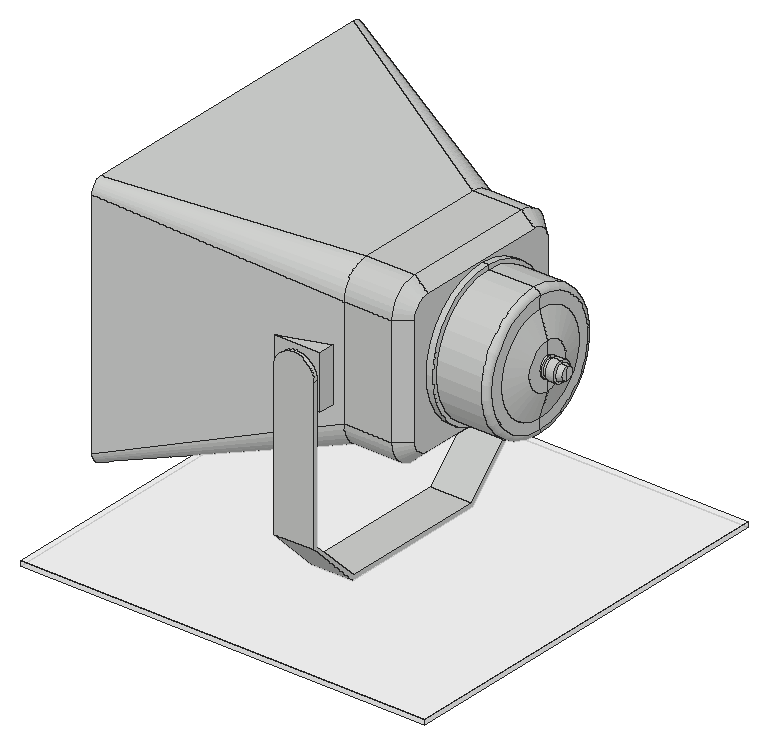
Revit family "CS-660BS", category Communication Devices, host Face, Revit 2016
Family settings
  Host = Face
  Maintain Annotation Orientation = No
  Part Type = Normal
  Round Connector Dimension = Use Diameter
  OmniClass Number = 23.85.10.11.14
  OmniClass Title = Audio Equipment
  Cut with Voids When Loaded = Yes
  Shared = No
  Room Calculation Point = No
Parameters (values of type "CS-660BS")
  Weight = "7.1kg"
  URL = "http://toa.com.sg"
  Speaker Mounting Method = "Wall-mount"
  Speaker Component = "Bass: 16.5cm (6.5\") Coating Rubber Surround\r\nTreble: High Efficiency Tweeter"
  Sound Pressure Level = "97 dB (1m, 1W)"
  Rated Power = "60W"
  Rated Impedance = "170 Ω (60 W), 330 Ω (30 W), 670Ω (15 W), 1.3kΩ (7.5 W)"
  Operating Tempature = "-25°C to +70°C"
  Model Type = "WIDE RANGE SPEAKER"
  Model By = "BIMLIFE PTE LTD"  # constant formula
  Model = "CS-660BS"
  Maximum SPL = "115 dB"
  Manufacturer = "TOA Electronics Pte Ltd"  # constant formula
  Supplier Tel = "+65 6835 9119"  # constant formula
  Supplier Fax = "+65 6835 9559"  # constant formula
  Supplier Address = "491B River Valley Road, #19-03/04 Valley Point Office Tower, Singapore 248373"  # constant formula
  Supplier = "TOA Electronics Pte Ltd"  # constant formula
  Suppiler Email = "http://toa.com.sg"  # constant formula
  Material = Grey
  Frequency Response = "100 - 20,000 Hz (Peak - 10 dB)"
  Finish = "Horn and termical cover: ABS resin, light grey (RAL7035 or equivalent)\r\nBrackets and screws: Stainless steel"
  Environmental Type = "B (outdoor applications)"
  Dust/Water Protection = "IP66"
  Dimension = "418 x 332 x 391mm"
  Default Elevation = 0 mm
  Coverage Angle (500 Hz/1 kHz/2 kHz/4 kHz, -6dB) = "Horizontal: 105°/ 50°/ 80°/ 80°\r\nVertical: 140°/ 70°/ 90°/ 150°"
  Copyright To = "TOA Electronics Pte Ltd"  # constant formula
  Connection = "Screw Terminal"
  Applicable Cable = "Solid copper wire or 7-core twisted copper wire 0.3mm² - 3.2mm² (AWG 22-12)"
Reference planes
  plane 1 "Center (Front/Back)": y = 0
  plane 2: z = 0
  plane 3 "Center (Left/Right)": x = 0
  plane 4: z = 255
Forms (mm)
  Extrusion 1, solid, material "Surface"
    sketch origin (1.238, -13.929, 0) x (1, 0, 0) y (0, 1, 0)
      loop
        line (-250, 250) -> (-250, -250) -> (250, -250) -> (250, 250) -> (-250, 250)
    from 0 to -6.497
  Extrusion 2, solid, material "Grey" <- "Material"
    sketch origin (0, 0, 0) x (0, 1, 0) y (0, 0, 1)
      loop
        line (-90.921, 5) -> (-147.492, 61.571) -> (-147.492, 277.874) -> (-152.492, 277.874) -> (-152.492, 59.5) -> (-92.992, 0) -> (92.992, 0) -> (152.492, 59.5) -> (152.492, 277.874) -> (147.492, 277.874) -> (147.492, 61.571) -> (90.921, 5) -> (-90.921, 5)
    from -25 to 25
  Extrusion 3, void
    sketch origin (0, 0, 0) x (1, 0, 0) y (0, 0, 1)
      loop
        arc (-25, 245) -> (0, 270) -> (25, 245) r 25
        line (25, 245) -> (30, 245) -> (30, 280) -> (-30, 280) -> (-30, 245) -> (-25, 245)
    from -152.492 to 152.492
  Blend 4, solid, material "Grey" <- "Material"
    base sketch origin (0, 0, 0) x (0, 1, 0) y (0, 0, 1)
      loop
        line (208.589, 111.674) -> (208.589, 398.326)
        arc (208.589, 398.326) -> (204.693, 408.411) -> (195.029, 413.257) r 15
        arc (195.029, 413.257) -> (-0.707, 422.673) -> (-196.442, 413.237) r 2036.882
        arc (-196.442, 413.237) -> (-206.105, 408.39) -> (-210, 398.306) r 15
        line (-210, 398.306) -> (-210, 111.694)
        arc (-210, 111.694) -> (-206.105, 101.61) -> (-196.442, 96.763) r 15
        arc (-196.442, 96.763) -> (-0.707, 87.327) -> (195.029, 96.743) r 2036.882
        arc (195.029, 96.743) -> (204.693, 101.589) -> (208.589, 111.674) r 15
    top sketch origin (0, 0, 0) x (0, 1, 0) y (0, 0, 1)
      loop
        line (82.5, 357.5) -> (-82.5, 357.5)
        arc (-82.5, 357.5) -> (-107.249, 347.249) -> (-117.5, 322.5) r 35
        line (-117.5, 322.5) -> (-117.5, 187.5)
        arc (-117.5, 187.5) -> (-107.249, 162.751) -> (-82.5, 152.5) r 35
        line (-82.5, 152.5) -> (82.5, 152.5)
        arc (82.5, 152.5) -> (107.249, 162.751) -> (117.5, 187.5) r 35
        line (117.5, 187.5) -> (117.5, 322.5)
        arc (117.5, 322.5) -> (107.249, 347.249) -> (82.5, 357.5) r 35
    from -203.371 to 33.75
  Revolve 5, solid, material "Grey" <- "Material"
    sketch origin (26.983, 0, 16.31) x (1, 0, 0) y (0, 0, 1)
      loop
        line (91.789, 320.182) -> (91.789, 325.182) -> (83.039, 325.182) -> (83.039, 238.69) -> (164.702, 238.69) -> (164.702, 266.664) -> (155.449, 298.932) -> (155.449, 312.797)
        arc (155.449, 312.797) -> (153.286, 318.019) -> (148.064, 320.182) r 7.385
        line (148.064, 320.182) -> (91.789, 320.182)
      axis (83.039, 238.69) -> (164.702, 238.69)
    angle from 0 to 360
  Blend 6, void
    base sketch origin (-203.371, 0, 0) x (0, 1, 0) y (0, 0, 1)
      loop
        line (203.589, 111.674) -> (203.589, 398.326)
        arc (203.589, 398.326) -> (200.991, 405.049) -> (194.549, 408.28) r 10
        arc (194.549, 408.28) -> (-0.707, 417.673) -> (-195.961, 408.26) r 2031.882
        arc (-195.961, 408.26) -> (-202.403, 405.029) -> (-205, 398.306) r 10
        line (-205, 398.306) -> (-205, 111.694)
        arc (-205, 111.694) -> (-202.403, 104.971) -> (-195.961, 101.74) r 10
        arc (-195.961, 101.74) -> (-0.707, 92.327) -> (194.549, 101.72) r 2031.882
        arc (194.549, 101.72) -> (200.991, 104.951) -> (203.589, 111.674) r 10
    top sketch origin (-203.371, 0, 0) x (0, 1, 0) y (0, 0, 1)
      loop
        arc (102.5, 312.5) -> (93.713, 333.713) -> (72.5, 342.5) r 30
        line (72.5, 342.5) -> (-72.5, 342.5)
        arc (-72.5, 342.5) -> (-93.713, 333.713) -> (-102.5, 312.5) r 30
        line (-102.5, 312.5) -> (-102.5, 197.5)
        arc (-102.5, 197.5) -> (-93.713, 176.287) -> (-72.5, 167.5) r 30
        line (-72.5, 167.5) -> (72.5, 167.5)
        arc (72.5, 167.5) -> (93.713, 176.287) -> (102.5, 197.5) r 30
        line (102.5, 197.5) -> (102.5, 312.5)
    from 0 to 193.087
  Revolve 7, solid, material "Grey" <- "Material"
    sketch origin (-63.531, 0, 10) x (1, 0, 0) y (0, 0, 1)
      loop
        arc (-132.149, 328.468) -> (-137.629, 325.629) -> (-139.828, 319.861) r 8.663
        line (-139.828, 319.861) -> (-139.828, 277.114)
        arc (-139.828, 277.114) -> (-137.37, 270.735) -> (-131.266, 267.657) r 9.503
        line (-131.266, 267.657) -> (-95.951, 264.145)
        arc (-95.951, 264.145) -> (-91.971, 262.138) -> (-90.368, 257.979) r 6.197
        line (-90.368, 257.979) -> (-90.368, 245) -> (53.247, 245) -> (53.247, 333.232) -> (-14.059, 344.685) -> (-14.059, 345.924) -> (-26.452, 345.924) -> (-26.452, 343.687) -> (-132.149, 328.468)
      axis (53.247, 245) -> (-139.828, 245)
    angle from 0 to 360
  Extrusion 8, solid, material "Grey" <- "Material"
    sketch origin (0, 30, 0) x (1, 0, 0) y (0, 1, 0)
      loop
        line (-24.034, 117.492) -> (28.481, 99.41) -> (28.481, 117.492) -> (-24.034, 117.492)
    from 211.561 to 277.263
  Extrusion 9, solid, material "Grey" <- "Material"
    sketch origin (0, -30, 0) x (1, 0, 0) y (0, 1, 0)
      loop
        line (-27.82, -117.492) -> (28.481, -117.492) -> (28.481, -98.106) -> (-27.82, -117.492)
    from 211.561 to 277.263
  Revolve 10, solid, material "Grey" <- "Material"
    sketch origin (22.5, 0, -22.787) x (1, 0, 0) y (0, 0, 1)
      loop
        line (155.449, 277.787) -> (193.63, 277.787) -> (193.63, 285.34) -> (186.907, 287.787) -> (186.907, 290.17) -> (176.907, 290.17) -> (176.907, 287.787) -> (171.907, 287.787) -> (171.907, 290.17) -> (165.449, 290.17) -> (165.449, 287.787) -> (155.449, 287.787) -> (155.449, 277.787)
      axis (193.63, 277.787) -> (155.449, 277.787)
    angle from 0 to 360
  Extrusion 11, solid, material "Grey" <- "Material"
    sketch origin (33.75, 0, 0) x (0, 1, 0) y (0, 0, 1)
      loop
        arc (-82.5, 357.5) -> (-107.249, 347.249) -> (-117.5, 322.5) r 35
        line (-117.5, 322.5) -> (-117.5, 187.5)
        arc (-117.5, 187.5) -> (-107.249, 162.751) -> (-82.5, 152.5) r 35
        line (-82.5, 152.5) -> (82.5, 152.5)
        arc (82.5, 152.5) -> (107.249, 162.751) -> (117.5, 187.5) r 35
        line (117.5, 187.5) -> (117.5, 322.5)
        arc (117.5, 322.5) -> (107.249, 347.249) -> (82.5, 357.5) r 35
        line (82.5, 357.5) -> (-82.5, 357.5)
    from 0 to 60
  Blend 12, solid, material "Grey" <- "Material"
    base sketch origin (93.75, 0, 0) x (0, 1, 0) y (0, 0, 1)
      loop
        arc (-82.5, 357.5) -> (-107.249, 347.249) -> (-117.5, 322.5) r 35
        line (-117.5, 322.5) -> (-117.5, 187.5)
        arc (-117.5, 187.5) -> (-107.249, 162.751) -> (-82.5, 152.5) r 35
        line (-82.5, 152.5) -> (82.5, 152.5)
        arc (82.5, 152.5) -> (107.249, 162.751) -> (117.5, 187.5) r 35
        line (117.5, 187.5) -> (117.5, 322.5)
        arc (117.5, 322.5) -> (107.249, 347.249) -> (82.5, 357.5) r 35
        line (82.5, 357.5) -> (-82.5, 357.5)
    top sketch origin (93.75, 0, 0) x (0, 1, 0) y (0, 0, 1)
      loop
        line (82.5, 342.5) -> (-82.5, 342.5)
        arc (-82.5, 342.5) -> (-96.642, 336.642) -> (-102.5, 322.5) r 20
        line (-102.5, 322.5) -> (-102.5, 187.5)
        arc (-102.5, 187.5) -> (-96.642, 173.358) -> (-82.5, 167.5) r 20
        line (-82.5, 167.5) -> (82.5, 167.5)
        arc (82.5, 167.5) -> (96.642, 173.358) -> (102.5, 187.5) r 20
        line (102.5, 187.5) -> (102.5, 322.5)
        arc (102.5, 322.5) -> (96.642, 336.642) -> (82.5, 342.5) r 20
    from 0 to 16.272
  Extrusion 13, void
    sketch origin (-203.371, 3.14, -4.711) x (0, 1, 0) y (0, 0, 1)
      loop
        circle (65.322, 319.924) r 12
    from 113.388 to -21.22
  Extrusion 14, void
    sketch origin (-203.371, 3.14, 514.711) x (0, 1, 0) y (0, 0, 1)
      loop
        circle (65.322, -319.924) r 12
    from 113.388 to -21.22
  Extrusion 15, void
    sketch origin (-203.371, -3.14, 514.711) x (0, -1, 0) y (0, 0, -1)
      loop
        circle (65.322, 319.924) r 12
    from 113.388 to -21.22
  Extrusion 16, void
    sketch origin (-203.371, -3.14, -4.711) x (0, -1, 0) y (0, 0, -1)
      loop
        circle (65.322, -319.924) r 12
    from 113.388 to -21.22
  Blend 17, void
    base sketch origin (-139.84, 0, 9.466) x (0, 1, 0) y (0, 0, 1)
      loop
        circle (0, 245) r 15
    top sketch origin (-139.84, 0, 9.466) x (0, 1, 0) y (0, 0, 1)
      loop
        arc (57.703, 278.658) -> (0, 276.203) -> (-57.703, 278.658) r 679.377
        arc (-57.703, 278.658) -> (-61.662, 245.002) -> (-57.755, 211.34) r 145.997
        arc (-57.755, 211.34) -> (0, 212.946) -> (57.755, 211.34) r 1039.516
        arc (57.755, 211.34) -> (61.662, 245.002) -> (57.703, 278.658) r 145.997
    from 19.477 to -68.152
  Blend 18, solid, material "Grey" <- "Material"
    base sketch origin (-270.677, 0, 10) x (0, -1, 0) y (0, 0, 1)
      loop
        circle (0, 245) r 15
    top sketch origin (-270.677, 0, 10) x (0, -1, 0) y (0, 0, 1)
      loop
        circle (0, 245) r 7.416
    from -193.087 to -67.306
  Extrusion 19, void
    sketch origin (-203.371, 0, 0) x (0, 1, 0) y (0, 0, 1)
      loop
        arc (86.463, 296.341) -> (0, 290.122) -> (-86.463, 296.341) r 604.151
        arc (-86.463, 296.341) -> (-80.605, 255.182) -> (-86.362, 214.009) r 148.805
        arc (-86.362, 214.009) -> (0, 219.009) -> (86.362, 214.009) r 748.407
        arc (86.362, 214.009) -> (80.605, 255.182) -> (86.463, 296.341) r 148.805
    from -7.701 to 1.141
Cuts and joins
  Extrusion 3, Blend 6 cuts Extrusion 2
  Blend 6 cuts Revolve 5
  joined: Revolve 5, Revolve 10
  Blend 6 cuts Blend 4
  joined: Blend 4, Extrusion 11, Blend 12
  Extrusion 13, Extrusion 14, Extrusion 15, Extrusion 16, Blend 17, Extrusion 19 cuts Revolve 7
Dimensions and locks
  aligned and locked: plane 2 to Extrusion 1
  aligned and locked: level to Extrusion 1
